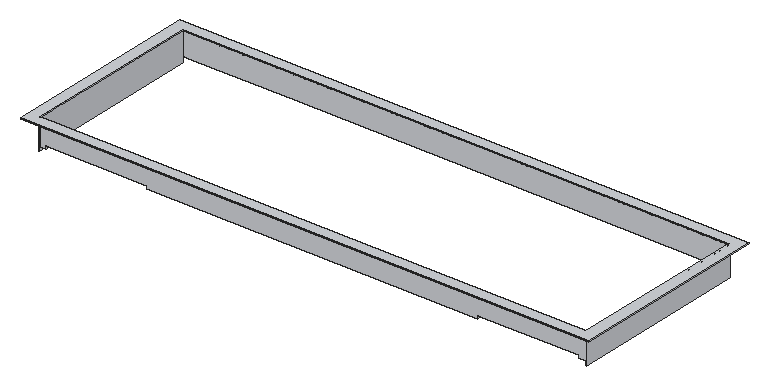
Revit family "DRLT48-2", category Generic Models, host Face, Revit 2019
Family settings
  Host = Face
  Can host rebar = No
  Round Connector Dimension = Use Diameter
  Part Type = Normal
  Cut with Voids When Loaded = No
  Shared = No
  Room Calculation Point = No
Parameters
  Default Elevation = 48.00"
Reference planes (in)
  plane 1 "Center (Front/Back)": y = 0
  plane 2: z = 0
  plane 3 "Center (Left/Right)": x = 0
Forms (in)
  Extrusion 1, solid
    sketch origin (0, 0, 0) x (1, 0, 0) y (0, 1, 0)
      loop
        line (26.097, 9.1769) -> (-26.097, 9.1769) -> (-26.097, -9.1789) -> (26.097, -9.1789) -> (26.097, 9.1769)
      loop
        line (25.097, 8.177) -> (-25.097, 8.177) -> (-25.097, -8.177) -> (25.097, -8.177) -> (25.097, 8.177)
    from 0 to 0.09
  Extrusion 2, solid
    sketch origin (0, 0, 0) x (1, 0, 0) y (0, 1, 0)
      loop
        line (25.097, 8.177) -> (-25.097, 8.177) -> (-25.097, -8.177) -> (25.097, -8.177) -> (25.097, 8.177)
      loop
        line (25.158, 8.232) -> (-25.158, 8.232) -> (-25.158, -8.2399) -> (25.158, -8.2399) -> (25.158, 8.232)
    from 0 to -2.6891
  Extrusion 3, void
    sketch origin (0, 0, 0) x (1, 0, 0) y (0, 0, 1)
      loop
        line (-25.097, -2.07015) -> (-25.097, -2.6891) -> (25.097, -2.6891) -> (25.097, -2.07015) -> (-25.097, -2.07015)
    from -9.107 to 0
  Extrusion 4, void
    sketch origin (0, 0, -1.0291) x (1, 0, 0) y (0, 0, 1)
      loop
        line (-24.46062, -1.04105) -> (-24.46062, -1.2911) -> (-25.097, -1.2911) -> (-25.097, -1.66) -> (25.097, -1.66) -> (25.097, -1.2911) -> (24.46062, -1.2911) -> (24.46062, -1.04105) -> (15.21062, -1.04105) -> (15.21062, -1.2911) -> (-15.21062, -1.2911) -> (-15.21062, -1.04105) -> (-24.46062, -1.04105)
    from -9.107 to 9.107
Cuts and joins
  Extrusion 3, Extrusion 4 cuts Extrusion 2
Dimensions and locks (in)
  aligned and locked: plane 2 to host face
  aligned and locked: level to host face
